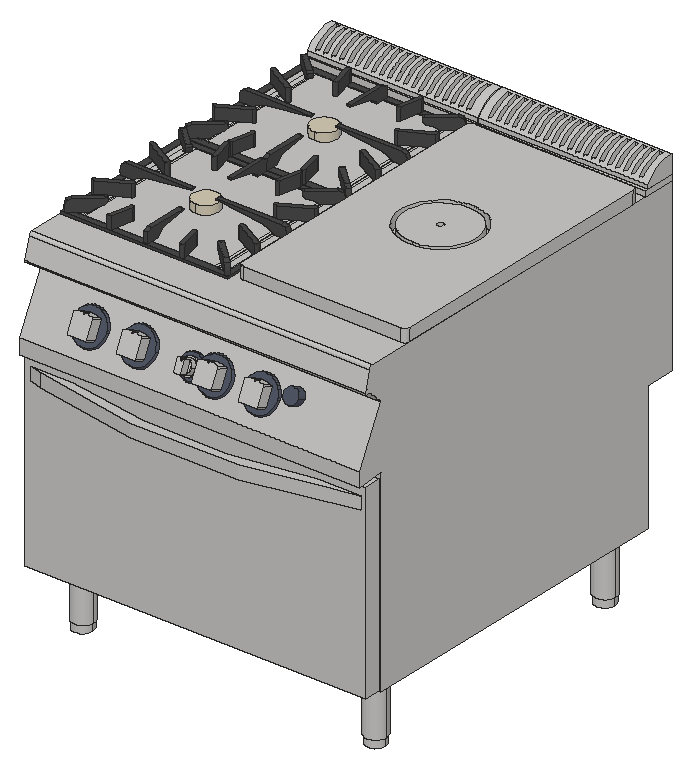
Revit family "QF_ZANUSSI_392020_Z9STGH30G0", category Specialty Equipment, Revit 2018 (continued)
Automatic sketch dimensions
  curve 210 to curve 210 = 0.343 mm
  curve 210 to curve 212 = 1.071 mm
  curve 210 to curve 209 = 2.189 mm
  curve 209 to curve 208 = 0.809 mm
  plane 8 "Center X" to curve 268 = 24.4 mm
  curve 268 to plane 4 "RIGHT" = 196.85 mm
  curve 214 to curve 200 = 1.333 mm
  plane 5 "FRONT" to curve 263 = 10.68 mm
  plane 5 "FRONT" to curve 198 = 10.68 mm
  plane 5 "FRONT" to curve 247 = 10.68 mm
  curve 246 to curve 243 = 86.839 mm
  curve 262 to curve 259 = 86.839 mm
  curve 188 to curve 185 = 86.839 mm
  curve 237 to curve 246 = 0 mm
  curve 213 to curve 210 = 86.839 mm
  curve 188 to curve 197 = 0 mm
  curve 253 to curve 262 = 0 mm
  curve 204 to curve 213 = 0 mm
  curve 259 to curve 258 = 1.333 mm
  curve 185 to curve 184 = 1.333 mm
  curve 194 to curve 192 = 1.333 mm
  curve 247 to curve 241 = 1.333 mm
  curve 210 to curve 209 = 1.333 mm
  curve 242 to curve 243 = 2.779 mm
  curve 200 to curve 201 = 2.779 mm
  curve 249 to curve 250 = 2.779 mm
  curve 258 to curve 259 = 2.779 mm
  curve 233 to curve 234 = 2.779 mm
  curve 184 to curve 185 = 2.779 mm
  curve 209 to curve 210 = 2.779 mm
  curve 193 to curve 194 = 2.779 mm
  curve 261 to plane 5 "FRONT" = 7.894 mm
  curve 187 to plane 5 "FRONT" = 7.894 mm
  curve 212 to plane 5 "FRONT" = 7.894 mm
  curve 245 to plane 5 "FRONT" = 7.894 mm
  curve 252 to plane 5 "FRONT" = 7.894 mm
  curve 196 to plane 5 "FRONT" = 7.894 mm
  curve 203 to plane 5 "FRONT" = 7.894 mm
  curve 236 to plane 5 "FRONT" = 7.894 mm
  curve 225 to plane 5 "FRONT" = 13.86 mm
  curve 238 to curve 235 = 41.91 mm
  curve 235 to curve 244 = 0 mm
  curve 254 to curve 251 = 41.91 mm
  curve 251 to curve 260 = 0 mm
  curve 206 to curve 211 = 41.91 mm
  curve 202 to curve 211 = 0 mm
  curve 190 to curve 195 = 41.91 mm
  curve 186 to curve 195 = 0 mm
  curve 251 to curve 248 = 9.809 mm
  curve 253 to curve 252 = 0.284 mm
  curve 261 to curve 262 = 0.284 mm
  curve 257 to curve 260 = 9.809 mm
  curve 235 to curve 232 = 9.809 mm
  curve 237 to curve 236 = 0.284 mm
  curve 245 to curve 245 = 0.284 mm
  curve 241 to curve 244 = 9.809 mm
  curve 224 to curve 224 = 1.229 mm
  plane 5 "FRONT" to curve 229 = 0.129 mm
  curve 224 to curve 229 = 1.675 mm
  curve 224 to curve 224 = 0.445 mm
  curve 225 to curve 225 = 1.675 mm
  plane 5 "FRONT" to curve 226 = 0.129 mm
  curve 226 to plane 7 "Center Y" = 11.954 mm
  curve 225 to curve 225 = 0.445 mm
  plane 7 "Center Y" to curve 186 = 2.24 mm
  plane 7 "Center Y" to curve 266 = 6.3 mm
  curve 188 to curve 187 = 0.284 mm
  curve 196 to curve 196 = 0.284 mm
  curve 192 to curve 195 = 9.809 mm
  plane 8 "Center X" to curve 266 = 24.4 mm
  curve 266 to curve 268 = 93.133 mm
  curve 202 to curve 199 = 9.809 mm
  curve 203 to curve 203 = 0.284 mm
  curve 212 to curve 213 = 0.284 mm
  curve 208 to curve 211 = 9.809 mm
  curve 211 to curve 231 = 28.904 mm
  curve 231 to curve 231 = 16.26 mm
  curve 231 to curve 231 = 1.74 mm
  plane 8 "Center X" to curve 267 = 24.4 mm
  curve 268 to curve 267 = 92.86 mm
  curve 267 to plane 4 "RIGHT" = 35 mm
  plane 5 "FRONT" to curve 228 = 0.129 mm
  plane 5 "FRONT" to curve 264 = 0.129 mm
  plane 5 "FRONT" to curve 227 = 0.129 mm
  plane 5 "FRONT" to curve 265 = 0.129 mm
  curve 203 to curve 203 = 0.567 mm
  curve 245 to curve 245 = 0.567 mm
  curve 252 to curve 252 = 0.567 mm
  curve 187 to curve 187 = 0.567 mm
  curve 212 to curve 212 = 0.567 mm
  curve 236 to curve 236 = 0.567 mm
  curve 261 to curve 261 = 0.567 mm
  curve 196 to curve 196 = 0.567 mm
  curve 212 to curve 211 = 1.156 mm
  curve 197 to curve 195 = 1.156 mm
  curve 188 to curve 186 = 1.156 mm
  curve 236 to curve 235 = 1.156 mm
  curve 245 to curve 244 = 1.156 mm
  curve 262 to curve 260 = 1.156 mm
  curve 203 to curve 202 = 1.156 mm
  curve 252 to curve 251 = 1.156 mm
  curve 224 to curve 224 = 0.083 mm
  curve 225 to curve 225 = 0.083 mm
  curve 230 to plane 5 "FRONT" = 14.871 mm
  curve 197 to curve 191 = 3.441 mm
  curve 202 to curve 199 = 4.292 mm
  curve 251 to curve 248 = 4.292 mm
  curve 204 to curve 205 = 3.441 mm
  curve 253 to curve 254 = 3.441 mm
  curve 205 to curve 207 = 0 mm
  curve 211 to curve 208 = 4.292 mm
  curve 244 to curve 241 = 4.292 mm
  curve 254 to curve 256 = 0 mm
  curve 260 to curve 257 = 4.292 mm
  curve 246 to curve 240 = 3.441 mm
  curve 238 to curve 240 = 0 mm
  curve 189 to curve 191 = 0 mm
  curve 235 to curve 232 = 4.292 mm
  curve 186 to curve 183 = 4.292 mm
  curve 195 to curve 192 = 4.292 mm
  curve 231 to curve 231 = 3.434 mm
  plane 5 "FRONT" to curve 91 = 0 mm
  curve 3 to plane 4 "RIGHT" = 0 mm
  plane 1 "BACK" to curve 92 = 0 mm
  curve 92 to plane 7 "Center Y" = 0 mm
  curve 8 to plane 3 "LEFT" = 0 mm
  plane 5 "FRONT" to curve 89 = 0 mm
  plane 5 "FRONT" to curve 7 = 0 mm
  plane 5 "FRONT" to curve 4 = 0 mm
  plane 4 "RIGHT" to curve 91 = 100 mm
  curve 58 to plane 4 "RIGHT" = 14.847 mm
  curve 57 to curve 58 = 9.296 mm
  curve 59 to curve 64 = 9.397 mm
  curve 99 to plane 4 "RIGHT" = 35 mm
  curve 61 to curve 63 = 9.296 mm
  curve 99 to curve 100 = 12.7 mm
  curve 99 to curve 101 = 12.7 mm
  curve 63 to curve 65 = 9.397 mm
  curve 65 to curve 66 = 9.296 mm
  curve 67 to curve 69 = 9.397 mm
  curve 69 to curve 70 = 9.296 mm
  curve 70 to curve 73 = 9.397 mm
  curve 73 to curve 76 = 9.296 mm
  curve 74 to curve 77 = 9.397 mm
  curve 77 to curve 79 = 9.296 mm
  curve 78 to curve 81 = 9.397 mm
  curve 81 to curve 84 = 9.296 mm
  curve 83 to curve 88 = 9.397 mm
  curve 85 to curve 86 = 9.296 mm
  curve 86 to curve 14 = 9.397 mm
  curve 13 to curve 16 = 9.296 mm
  curve 14 to curve 18 = 9.397 mm
  curve 17 to curve 20 = 9.296 mm
  curve 18 to curve 22 = 9.397 mm
  curve 21 to curve 22 = 9.296 mm
  curve 22 to curve 26 = 9.397 mm
  curve 25 to curve 27 = 9.296 mm
  curve 26 to curve 29 = 9.397 mm
  curve 29 to curve 31 = 9.296 mm
  curve 31 to curve 33 = 9.397 mm
  curve 33 to curve 34 = 9.296 mm
  curve 34 to curve 37 = 9.397 mm
  curve 37 to curve 39 = 9.296 mm
  curve 38 to curve 41 = 9.397 mm
  curve 41 to curve 43 = 9.296 mm
  curve 43 to curve 48 = 9.397 mm
  curve 45 to curve 47 = 9.296 mm
  curve 46 to curve 49 = 9.397 mm
  curve 49 to curve 50 = 9.296 mm
  curve 51 to curve 56 = 9.397 mm
  curve 53 to curve 55 = 9.296 mm
  curve 55 to curve 12 = 9.397 mm
  curve 9 to curve 11 = 9.296 mm
  plane 7 "Center Y" to curve 97 = 19 mm
  plane 7 "Center Y" to curve 96 = 19 mm
  plane 7 "Center Y" to curve 94 = 6.3 mm
  curve 103 to plane 7 "Center Y" = 20.698 mm
  curve 104 to curve 102 = 9.296 mm
  curve 102 to curve 147 = 9.397 mm
  curve 147 to curve 147 = 9.296 mm
  curve 146 to curve 145 = 9.397 mm
  curve 144 to curve 145 = 9.296 mm
  curve 142 to curve 141 = 9.397 mm
  curve 140 to curve 141 = 9.296 mm
  curve 138 to curve 135 = 9.397 mm
  curve 136 to curve 134 = 9.296 mm
  curve 134 to curve 132 = 9.397 mm
  curve 131 to curve 130 = 9.296 mm
  curve 130 to curve 128 = 9.397 mm
  curve 128 to curve 129 = 9.296 mm
  curve 126 to curve 125 = 9.397 mm
  curve 124 to curve 125 = 9.296 mm
  curve 122 to curve 120 = 9.397 mm
  curve 119 to curve 118 = 9.296 mm
  curve 118 to curve 115 = 9.397 mm
  curve 116 to curve 114 = 9.296 mm
  curve 114 to curve 112 = 9.397 mm
  curve 111 to curve 111 = 9.296 mm
  curve 110 to curve 107 = 9.397 mm
  curve 107 to curve 107 = 9.296 mm
  curve 106 to curve 180 = 9.397 mm
  curve 179 to curve 179 = 9.296 mm
  curve 178 to curve 175 = 9.397 mm
  curve 175 to curve 175 = 9.296 mm
  curve 174 to curve 171 = 9.397 mm
  curve 171 to curve 171 = 9.296 mm
  curve 170 to curve 167 = 9.397 mm
  curve 167 to curve 167 = 9.296 mm
  curve 166 to curve 165 = 9.397 mm
  curve 163 to curve 163 = 9.296 mm
  curve 162 to curve 160 = 9.397 mm
  curve 159 to curve 159 = 9.296 mm
  curve 158 to curve 155 = 9.397 mm
  curve 156 to curve 157 = 9.296 mm
  curve 154 to curve 153 = 9.397 mm
  curve 151 to curve 151 = 9.296 mm
  curve 89 to plane 3 "LEFT" = 100 mm
  curve 89 to plane 1 "BACK" = 100 mm
  plane 1 "BACK" to curve 161 = 6.761 mm
  plane 1 "BACK" to curve 178 = 6.761 mm
  plane 1 "BACK" to curve 162 = 6.761 mm
  plane 1 "BACK" to curve 9 = 6.761 mm
  plane 1 "BACK" to curve 157 = 6.761 mm
  plane 1 "BACK" to curve 13 = 6.761 mm
  plane 1 "BACK" to curve 153 = 6.761 mm
  plane 1 "BACK" to curve 17 = 6.761 mm
  plane 1 "BACK" to curve 149 = 6.761 mm
  plane 1 "BACK" to curve 21 = 6.761 mm
  plane 1 "BACK" to curve 145 = 6.761 mm
  plane 1 "BACK" to curve 25 = 6.761 mm
  plane 1 "BACK" to curve 141 = 6.761 mm
  plane 1 "BACK" to curve 29 = 6.761 mm
  plane 1 "BACK" to curve 137 = 6.761 mm
  plane 1 "BACK" to curve 33 = 6.761 mm
  plane 1 "BACK" to curve 133 = 6.761 mm
  plane 1 "BACK" to curve 37 = 6.761 mm
  plane 1 "BACK" to curve 129 = 6.761 mm
  plane 1 "BACK" to curve 41 = 6.761 mm
  plane 1 "BACK" to curve 125 = 6.761 mm
  plane 1 "BACK" to curve 45 = 6.761 mm
  plane 1 "BACK" to curve 121 = 6.761 mm
  plane 1 "BACK" to curve 49 = 6.761 mm
  plane 1 "BACK" to curve 117 = 6.761 mm
  plane 1 "BACK" to curve 53 = 6.761 mm
  plane 1 "BACK" to curve 113 = 6.761 mm
  plane 1 "BACK" to curve 57 = 6.761 mm
  plane 1 "BACK" to curve 109 = 6.761 mm
  plane 1 "BACK" to curve 61 = 6.761 mm
  plane 1 "BACK" to curve 105 = 6.761 mm
  plane 1 "BACK" to curve 65 = 6.761 mm
  plane 1 "BACK" to curve 168 = 6.761 mm
  plane 1 "BACK" to curve 69 = 6.761 mm
  plane 1 "BACK" to curve 170 = 6.761 mm
  plane 1 "BACK" to curve 73 = 6.761 mm
  plane 1 "BACK" to curve 174 = 6.761 mm
  plane 1 "BACK" to curve 77 = 6.761 mm
  plane 1 "BACK" to curve 81 = 6.761 mm
  plane 1 "BACK" to curve 88 = 6.761 mm
  curve 87 to curve 86 = 57.15 mm
  curve 85 to curve 83 = 0 mm
  curve 81 to curve 79 = 0 mm
  curve 180 to curve 180 = 57.15 mm
  curve 77 to curve 75 = 0 mm
  curve 176 to curve 178 = 0 mm
  curve 73 to curve 71 = 0 mm
  curve 172 to curve 174 = 0 mm
  curve 69 to curve 67 = 0 mm
  curve 168 to curve 170 = 0 mm
  curve 102 to curve 102 = 57.15 mm
  curve 65 to curve 63 = 0 mm
  curve 179 to curve 106 = 0 mm
  curve 61 to curve 59 = 0 mm
  curve 107 to curve 110 = 0 mm
  curve 55 to curve 55 = 57.15 mm
  curve 111 to curve 114 = 0 mm
  curve 53 to curve 51 = 0 mm
  curve 115 to curve 118 = 0 mm
  curve 49 to curve 47 = 0 mm
  curve 119 to curve 122 = 0 mm
  curve 45 to curve 43 = 0 mm
  curve 123 to curve 126 = 0 mm
  curve 41 to curve 39 = 0 mm
  curve 127 to curve 130 = 0 mm
  curve 37 to curve 35 = 0 mm
  curve 131 to curve 134 = 0 mm
  curve 33 to curve 31 = 0 mm
  curve 135 to curve 138 = 0 mm
  curve 29 to curve 27 = 0 mm
  curve 139 to curve 142 = 0 mm
  curve 25 to curve 23 = 0 mm
  curve 143 to curve 146 = 0 mm
  curve 21 to curve 19 = 0 mm
  curve 150 to curve 150 = 57.15 mm
  curve 17 to curve 15 = 0 mm
  curve 151 to curve 154 = 0 mm
  curve 11 to curve 54 = 0 mm
  curve 155 to curve 158 = 0 mm
  curve 164 to curve 166 = 0 mm
  curve 97 to plane 11 = 26 mm
  curve 99 to plane 12 = 31.5 mm
  curve 2 to plane 13 = 0.129 mm
  curve 57 to curve 93 = 5.939 mm
  curve 5 to curve 6 = 6.35 mm
  Revolve 1 sketch curve to plane 9 "Base" = 0 mm  (x2)
  Revolve 1 sketch curve to level = 0 mm
  plane 3 "LEFT" to Revolve 1 sketch curve = 30.6 mm
  Revolve 1 sketch curve to Revolve 1 sketch curve = 2.5 mm
  Revolve 1 sketch curve to Revolve 1 sketch curve = 25.4 mm
  level to Revolve 1 sketch curve = 19.05 mm
  Revolve 1 sketch curve to Revolve 1 sketch curve = 0 mm
  plane 9 "Base" to Revolve 1 sketch curve = 20 mm
  Revolve 2 sketch curve to plane 9 "Base" = 0 mm  (x2)
  Revolve 2 sketch curve to level = 0 mm
  plane 3 "LEFT" to Revolve 2 sketch curve = 30.6 mm
  Revolve 2 sketch curve to Revolve 2 sketch curve = 2.5 mm
  Revolve 2 sketch curve to Revolve 2 sketch curve = 25.4 mm
  level to Revolve 2 sketch curve = 19.05 mm
  Revolve 2 sketch curve to Revolve 2 sketch curve = 0 mm
  plane 9 "Base" to Revolve 2 sketch curve = 20 mm
  Revolve 3 sketch curve to plane 9 "Base" = 0 mm  (x2)
  Revolve 3 sketch curve to level = 0 mm
  Revolve 3 sketch curve to plane 4 "RIGHT" = 30.6 mm
  Revolve 3 sketch curve to Revolve 3 sketch curve = 2.5 mm
  Revolve 3 sketch curve to Revolve 3 sketch curve = 25.4 mm
  level to Revolve 3 sketch curve = 19.05 mm
  Revolve 3 sketch curve to Revolve 3 sketch curve = 0 mm
  plane 9 "Base" to Revolve 3 sketch curve = 20 mm
  Revolve 4 sketch curve to plane 9 "Base" = 0 mm  (x2)
  Revolve 4 sketch curve to level = 0 mm
  Revolve 4 sketch curve to plane 4 "RIGHT" = 30.6 mm
  Revolve 4 sketch curve to Revolve 4 sketch curve = 2.5 mm
  Revolve 4 sketch curve to Revolve 4 sketch curve = 25.4 mm
  level to Revolve 4 sketch curve = 19.05 mm
  Revolve 4 sketch curve to Revolve 4 sketch curve = 0 mm
  plane 9 "Base" to Revolve 4 sketch curve = 20 mm
  Extrusion 5 sketch curve to plane 5 "FRONT" = 0 mm
  Extrusion 5 sketch curve to plane 10 = 0 mm
  Extrusion 5 sketch curve to plane 9 "Base" = 0 mm
  Extrusion 5 sketch curve to plane 1 "BACK" = 0 mm
  Extrusion 5 sketch curve to plane 5 "FRONT" = 15 mm
  Extrusion 5 sketch curve to plane 5 "FRONT" = 15.116 mm
  Extrusion 5 sketch curve to Extrusion 5 sketch curve = 2.884 mm
  Extrusion 5 sketch curve to plane 10 = 7.474 mm
  Extrusion 5 sketch curve to plane 5 "FRONT" = 28.167 mm
  Extrusion 5 sketch curve to Extrusion 5 sketch curve = 10.198 mm
  Extrusion 5 sketch curve to Extrusion 5 sketch curve = 40 mm
  Extrusion 5 sketch curve to Extrusion 5 sketch curve = 1.355 mm
  Extrusion 5 sketch curve to Extrusion 5 sketch curve = 0.445 mm
  Extrusion 5 sketch curve to Extrusion 5 sketch curve = 5 mm
  Extrusion 5 sketch curve to Extrusion 5 sketch curve = 31.82 mm
  Extrusion 5 sketch curve to plane 11 = 54.562 mm
  plane 9 "Base" to Extrusion 5 sketch curve = 5 mm
  plane 9 "Base" to Extrusion 5 sketch curve = 300.038 mm
  Extrusion 5 sketch curve to Extrusion 5 sketch curve = 242.526 mm
  Extrusion 5 sketch curve to Extrusion 5 sketch curve = 5.508 mm
  Extrusion 5 sketch curve to Extrusion 5 sketch curve = 10.259 mm
  Extrusion 5 sketch curve to Extrusion 5 sketch curve = 35 mm
  Extrusion 5 sketch curve to Extrusion 5 sketch curve = 81.162 mm
  Extrusion 5 sketch curve to Extrusion 5 sketch curve = 49.342 mm
  Extrusion 5 sketch curve to Extrusion 5 sketch curve = 3 mm
  Extrusion 6 sketch curve to plane 10 = 0 mm
  Extrusion 6 sketch curve to plane 1 "BACK" = 0 mm
  plane 10 to Extrusion 6 sketch curve = 14.288 mm
  Extrusion 6 sketch curve to plane 11 = 49.8 mm
  Extrusion 7 sketch curve to plane 4 "RIGHT" = 14.847 mm
  Extrusion 7 sketch curve to Extrusion 7 sketch curve = 9.296 mm  (x20)
  Extrusion 7 sketch curve to Extrusion 7 sketch curve = 9.397 mm  (x19)
  plane 1 "BACK" to Extrusion 7 sketch curve = 6.761 mm  (x20)
  Extrusion 7 sketch curve to Extrusion 7 sketch curve = 57.15 mm
  Extrusion 7 sketch curve to Extrusion 7 sketch curve = 0 mm  (x19)
  Extrusion 8 sketch curve to plane 1 "BACK" = 0 mm
  Extrusion 8 sketch curve to plane 6 "TOP" = 0 mm
  plane 1 "BACK" to Extrusion 8 sketch curve = 1.769 mm
  plane 10 to Extrusion 8 sketch curve = 23.813 mm
  plane 1 "BACK" to Extrusion 8 sketch curve = 69.85 mm
  plane 10 to Extrusion 8 sketch curve = 14.288 mm
  plane 5 "FRONT" to Extrusion 10 sketch curve = 0 mm  (x2)
  Extrusion 10 sketch curve to plane 3 "LEFT" = 0 mm
  plane 1 "BACK" to Extrusion 10 sketch curve = 0 mm
  Extrusion 10 sketch curve to plane 4 "RIGHT" = 0 mm
  Extrusion 10 sketch curve to plane 3 "LEFT" = 100 mm
  plane 4 "RIGHT" to Extrusion 10 sketch curve = 100 mm
  Extrusion 10 sketch curve to plane 1 "BACK" = 100 mm
  Extrusion 11 sketch curve to Extrusion 11 sketch curve = 0 mm  (x2)
  Extrusion 11 sketch curve to plane 4 "RIGHT" = 0 mm
  Extrusion 11 sketch curve to plane 11 = 26 mm
  Extrusion 11 sketch curve to plane 11 = 13.3 mm
  Extrusion 11 sketch curve to Extrusion 11 sketch curve = 12.7 mm  (x2)
  plane 8 "Center X" to Extrusion 11 sketch curve = 27.413 mm
  Extrusion 11 sketch curve to Extrusion 11 sketch curve = 2.478 mm
  Extrusion 11 sketch curve to Extrusion 11 sketch curve = 0.351 mm
  Extrusion 11 sketch curve to Extrusion 11 sketch curve = 0.184 mm
  Extrusion 11 sketch curve to plane 4 "RIGHT" = 12.7 mm
  Extrusion 11 sketch curve to plane 12 = 31.5 mm
  Extrusion 11 sketch curve to plane 4 "RIGHT" = 196.753 mm
  Extrusion 11 sketch curve to Extrusion 11 sketch curve = 0.097 mm
  Extrusion 11 sketch curve to Extrusion 11 sketch curve = 0.12 mm
  Extrusion 11 sketch curve to Extrusion 11 sketch curve = 3.165 mm
  plane 7 "Center Y" to Extrusion 11 sketch curve = 19 mm
  Extrusion 11 sketch curve to Extrusion 11 sketch curve = 70.632 mm
  Extrusion 11 sketch curve to Extrusion 11 sketch curve = 8.451 mm
  plane 15 to Extrusion 11 sketch curve = 50.329 mm
  Extrusion 12 sketch curve to plane 15 = 0 mm
  Extrusion 12 sketch curve to plane 4 "RIGHT" = 43 mm
  plane 3 "LEFT" to Extrusion 13 sketch curve = 14.847 mm
  Extrusion 13 sketch curve to Extrusion 13 sketch curve = 9.296 mm  (x20)
  Extrusion 13 sketch curve to Extrusion 13 sketch curve = 9.397 mm  (x19)
  Extrusion 13 sketch curve to plane 11 = 62.089 mm  (x2)
  Extrusion 13 sketch curve to Extrusion 13 sketch curve = 0 mm  (x18)
  plane 1 "BACK" to Extrusion 13 sketch curve = 6.761 mm  (x20)
  Extrusion 14 sketch curve to plane 1 "BACK" = 0 mm
  Extrusion 14 sketch curve to plane 6 "TOP" = 0 mm
  plane 1 "BACK" to Extrusion 14 sketch curve = 1.769 mm
  plane 10 to Extrusion 14 sketch curve = 23.813 mm
  plane 1 "BACK" to Extrusion 14 sketch curve = 69.85 mm
  plane 10 to Extrusion 14 sketch curve = 14.288 mm
  Blend 15 sketch curve to plane 7 "Center Y" = 0 mm  (x2)
  Blend 15 sketch curve to plane 7 "Center Y" = 17.95 mm  (x2)
  plane 7 "Center Y" to Blend 15 sketch curve = 35.05 mm  (x2)
  Blend 15 sketch curve to Blend 15 sketch curve = 24.037 mm
  Blend 15 sketch curve to Blend 15 sketch curve = 0 mm
  plane 7 "Center Y" to Blend 15 sketch curve = 0.472 mm
  Blend 15 sketch curve to Blend 15 sketch curve = 21.086 mm
  Extrusion 16 sketch curve to plane 7 "Center Y" = 19.952 mm
  plane 7 "Center Y" to Extrusion 17 sketch curve = 12.05 mm
  Extrusion 17 sketch curve to Extrusion 17 sketch curve = 2.997 mm  (x3)
  Extrusion 17 sketch curve to Extrusion 17 sketch curve = 20.003 mm  (x2)
  Extrusion 17 sketch curve to Extrusion 17 sketch curve = 40.005 mm
  Extrusion 17 sketch curve to Extrusion 17 sketch curve = 5.399 mm
  Extrusion 17 sketch curve to Extrusion 17 sketch curve = 40.037 mm
  Extrusion 17 sketch curve to Extrusion 17 sketch curve = 0 mm  (x2)
  Split face 27 sketch curve to Split face 27 sketch curve = 2.545 mm
  Split face 27 sketch curve to Split face 27 sketch curve = 4.379 mm
  Split face 28 sketch curve to Split face 28 sketch curve = 0.816 mm  (x2)
  Split face 28 sketch curve to Split face 28 sketch curve = 2.828 mm
  Extrusion 18 sketch curve to plane 7 "Center Y" = 19.952 mm
  Extrusion 19 sketch curve to plane 7 "Center Y" = 36.844 mm
  Extrusion 19 sketch curve to Extrusion 19 sketch curve = 6.058 mm
  Extrusion 19 sketch curve to Extrusion 19 sketch curve = 0.01 mm  (x2)
  Extrusion 19 sketch curve to Extrusion 19 sketch curve = 8.895 mm
  Extrusion 19 sketch curve to plane 7 "Center Y" = 11.954 mm
  Extrusion 19 sketch curve to Extrusion 19 sketch curve = 2.827 mm  (x3)
  Extrusion 19 sketch curve to plane 7 "Center Y" = 3.059 mm
  Extrusion 19 sketch curve to Extrusion 19 sketch curve = 0 mm
  Extrusion 19 sketch curve to Extrusion 19 sketch curve = 15.163 mm
  Extrusion 19 sketch curve to Extrusion 19 sketch curve = 15.173 mm
  Extrusion 20 sketch curve to plane 5 "FRONT" = 9.329 mm
  Extrusion 20 sketch curve to plane 10 = 112.016 mm
  Extrusion 20 sketch curve to Extrusion 20 sketch curve = 3 mm
  Extrusion 20 sketch curve to Extrusion 20 sketch curve = 0 mm  (x2)
  Extrusion 20 sketch curve to Extrusion 20 sketch curve = 1 mm
  Extrusion 20 sketch curve to Extrusion 20 sketch curve = 15 mm
  Extrusion 21 sketch curve to Extrusion 21 sketch curve = 0 mm  (x2)
  Extrusion 21 sketch curve to plane 5 "FRONT" = 15.005 mm
  Extrusion 21 sketch curve to plane 10 = 123.007 mm
  Extrusion 21 sketch curve to Extrusion 21 sketch curve = 1 mm
  Extrusion 21 sketch curve to Extrusion 21 sketch curve = 2.764 mm
  Extrusion 21 sketch curve to Extrusion 21 sketch curve = 2.616 mm
  Extrusion 21 sketch curve to Extrusion 21 sketch curve = 12.193 mm
  Extrusion 22 sketch curve to plane 4 "RIGHT" = 177.477 mm
  Extrusion 23 sketch curve to plane 4 "RIGHT" = 177.477 mm
  plane 3 "LEFT" to Blend 24 sketch curve = 142.5 mm  (x2)
  plane 3 "LEFT" to Extrusion 25 sketch curve = 119.5 mm
  Extrusion 25 sketch curve to Extrusion 25 sketch curve = 2.997 mm  (x3)
  Extrusion 25 sketch curve to Extrusion 25 sketch curve = 20.003 mm  (x2)
  Extrusion 25 sketch curve to Extrusion 25 sketch curve = 40.005 mm
  Extrusion 25 sketch curve to Extrusion 25 sketch curve = 5.399 mm
  Extrusion 25 sketch curve to Extrusion 25 sketch curve = 40.037 mm
  Extrusion 25 sketch curve to Extrusion 25 sketch curve = 0 mm  (x2)
  Extrusion 26 sketch curve to plane 5 "FRONT" = 9.329 mm
  Extrusion 26 sketch curve to plane 10 = 112.016 mm
  Extrusion 26 sketch curve to Extrusion 26 sketch curve = 3 mm
  Extrusion 26 sketch curve to Extrusion 26 sketch curve = 0 mm  (x2)
  Extrusion 26 sketch curve to Extrusion 26 sketch curve = 1 mm
  Extrusion 26 sketch curve to Extrusion 26 sketch curve = 15 mm
  plane 3 "LEFT" to Extrusion 27 sketch curve = 125 mm
  Extrusion 27 sketch curve to Extrusion 27 sketch curve = 35 mm  (x2)
  Extrusion 28 sketch curve to plane 5 "FRONT" = 9.329 mm
  Extrusion 28 sketch curve to plane 10 = 112.016 mm
  Extrusion 28 sketch curve to Extrusion 28 sketch curve = 3 mm
  Extrusion 28 sketch curve to Extrusion 28 sketch curve = 0 mm
  Extrusion 28 sketch curve to Extrusion 28 sketch curve = 1 mm  (x2)
  Extrusion 28 sketch curve to Extrusion 28 sketch curve = 15 mm
  Extrusion 29 sketch curve to plane 7 "Center Y" = 125 mm
  Extrusion 29 sketch curve to Extrusion 29 sketch curve = 35 mm  (x2)
  Blend 30 sketch curve to plane 7 "Center Y" = 142.5 mm  (x2)
  Extrusion 31 sketch curve to plane 7 "Center Y" = 119.5 mm
  Extrusion 31 sketch curve to Extrusion 31 sketch curve = 2.997 mm  (x3)
  Extrusion 31 sketch curve to Extrusion 31 sketch curve = 20.003 mm  (x2)
  Extrusion 31 sketch curve to Extrusion 31 sketch curve = 40.005 mm
  Extrusion 31 sketch curve to Extrusion 31 sketch curve = 0 mm  (x2)
  Extrusion 31 sketch curve to Extrusion 31 sketch curve = 40.037 mm
  Extrusion 31 sketch curve to Extrusion 31 sketch curve = 5.399 mm
  Split face 30 sketch curve to Split face 30 sketch curve = 6 mm
  Split face 30 sketch curve to Split face 30 sketch curve = 10 mm
  Split face 31 sketch curve to Split face 31 sketch curve = 5 mm
  Split face 31 sketch curve to Split face 31 sketch curve = 9 mm
  Split face 32 sketch curve to Split face 32 sketch curve = 5 mm
  Split face 33 sketch curve to Split face 33 sketch curve = 5 mm
  Split face 34 sketch curve to Split face 34 sketch curve = 6 mm
  Split face 34 sketch curve to Split face 34 sketch curve = 10 mm
  Split face 35 sketch curve to Split face 35 sketch curve = 5 mm
  Split face 35 sketch curve to Split face 35 sketch curve = 9 mm
  Split face 36 sketch curve to Split face 36 sketch curve = 5 mm
  Split face 37 sketch curve to Split face 37 sketch curve = 5 mm
  curve 216 to plane 7 "Center Y" = 11.954 mm
  curve 216 to curve 223 = 7.998 mm
  curve 223 to curve 215 = 15.995 mm
  curve 223 to plane 5 "FRONT" = 17.937 mm
  plane 5 "FRONT" to curve 216 = 10.977 mm
  curve 219 to curve 219 = 2.259 mm
  curve 218 to curve 219 = 0.319 mm
  curve 218 to curve 216 = 3.717 mm
  curve 219 to curve 218 = 1.423 mm
  curve 222 to plane 7 "Center Y" = 3.949 mm
  curve 218 to curve 223 = 0.001 mm
  curve 218 to curve 217 = 0.001 mm
  plane 5 "FRONT" to curve 220 = 0.716 mm
  curve 220 to curve 220 = 0.865 mm
  curve 220 to plane 5 "FRONT" = 1.976 mm
  curve 220 to curve 217 = 0.141 mm
  curve 215 to curve 217 = 3.718 mm
  curve 218 to curve 217 = 0 mm
  curve 223 to curve 218 = 2.937 mm
  curve 223 to curve 217 = 2.937 mm
  curve 218 to curve 222 = 0 mm
  curve 221 to curve 217 = 0 mm
  curve 218 to curve 216 = 1.224 mm
  curve 217 to curve 215 = 1.224 mm
  curve 221 to curve 221 = 4.847 mm
  curve 223 to curve 217 = 7.784 mm
  curve 221 to curve 218 = 0.003 mm
  curve 222 to curve 222 = 4.85 mm
  curve 218 to curve 219 = 0.047 mm
  Extrusion 32 sketch curve to plane 4 "RIGHT" = 42.9 mm
  Extrusion 32 sketch curve to plane 12 = 26 mm
  Extrusion 33 sketch curve to plane 13 = 0.028 mm
  plane 9 "Base" to Extrusion 33 sketch curve = 5 mm
  Extrusion 33 sketch curve to plane 5 "FRONT" = 15 mm
  plane 9 "Base" to Extrusion 33 sketch curve = 6.461 mm
  Extrusion 33 sketch curve to Extrusion 33 sketch curve = 36.025 mm
  Extrusion 34 sketch curve to Extrusion 34 sketch curve = 0 mm  (x6)
  Extrusion 34 sketch curve to plane 7 "Center Y" = 0 mm
  Extrusion 34 sketch curve to plane 5 "FRONT" = 15 mm  (x2)
  Extrusion 34 sketch curve to plane 4 "RIGHT" = 103.605 mm
  Extrusion 34 sketch curve to plane 4 "RIGHT" = 10 mm
  Extrusion 34 sketch curve to plane 1 "BACK" = 337.5 mm
  Extrusion 34 sketch curve to plane 5 "FRONT" = 4.65 mm
  plane 7 "Center Y" to Blend 35 sketch curve = 144.55 mm  (x2)
  plane 7 "Center Y" to Extrusion 36 sketch curve = 121.55 mm
  Extrusion 36 sketch curve to Extrusion 36 sketch curve = 2.997 mm  (x3)
  Extrusion 36 sketch curve to Extrusion 36 sketch curve = 20.003 mm  (x2)
  Extrusion 36 sketch curve to Extrusion 36 sketch curve = 40.005 mm
  Extrusion 36 sketch curve to Extrusion 36 sketch curve = 5.399 mm
  Extrusion 36 sketch curve to Extrusion 36 sketch curve = 40.037 mm
  Extrusion 36 sketch curve to Extrusion 36 sketch curve = 0 mm  (x2)
  Extrusion 37 sketch curve to plane 5 "FRONT" = 9.329 mm
  Extrusion 37 sketch curve to plane 10 = 112.016 mm
  Extrusion 37 sketch curve to Extrusion 37 sketch curve = 3 mm
  Extrusion 37 sketch curve to Extrusion 37 sketch curve = 0 mm  (x2)
  Extrusion 37 sketch curve to Extrusion 37 sketch curve = 1 mm
  Extrusion 37 sketch curve to Extrusion 37 sketch curve = 15 mm
  plane 7 "Center Y" to Extrusion 38 sketch curve = 127.05 mm
  Extrusion 38 sketch curve to Extrusion 38 sketch curve = 35 mm  (x2)
  Split face 46 sketch curve to Split face 46 sketch curve = 6 mm
  Split face 46 sketch curve to Split face 46 sketch curve = 10 mm
  Split face 47 sketch curve to Split face 47 sketch curve = 5 mm
  Split face 47 sketch curve to Split face 47 sketch curve = 9 mm
  Split face 48 sketch curve to Split face 48 sketch curve = 5 mm
  Split face 49 sketch curve to Split face 49 sketch curve = 5 mm
  radius of Extrusion 9 sketch curve = 6.4 mm
  radius of Extrusion 11 sketch curve = 82.55 mm
  radius of Extrusion 11 sketch curve = 7 mm
  radius of Extrusion 12 sketch curve = 12.7 mm
  radius of Extrusion 16 sketch curve = 20 mm
  radius of Split face 1 sketch curve = 1 mm
  radius of Split face 2 sketch curve = 1 mm
  radius of Split face 3 sketch curve = 1 mm
  radius of Split face 4 sketch curve = 1 mm
  radius of Split face 5 sketch curve = 1 mm
  radius of Split face 6 sketch curve = 1 mm
  radius of Split face 7 sketch curve = 1 mm
  radius of Split face 8 sketch curve = 1 mm
  radius of Split face 9 sketch curve = 1 mm
  radius of Split face 10 sketch curve = 1 mm
  radius of Split face 11 sketch curve = 1 mm
  radius of Split face 12 sketch curve = 1 mm
  radius of Split face 13 sketch curve = 1 mm
  radius of Split face 14 sketch curve = 1 mm
  radius of Split face 15 sketch curve = 1 mm
  radius of Split face 16 sketch curve = 1 mm
  radius of Split face 17 sketch curve = 1 mm
  radius of Split face 18 sketch curve = 1 mm
  radius of Split face 19 sketch curve = 1 mm
  radius of Split face 20 sketch curve = 1 mm
  radius of Split face 21 sketch curve = 1 mm
  radius of Split face 22 sketch curve = 1 mm
  radius of Split face 23 sketch curve = 1 mm
  radius of Split face 24 sketch curve = 1 mm
  radius of Split face 25 sketch curve = 1.508 mm
  radius of Split face 26 sketch curve = 1.343 mm
  radius of Extrusion 18 sketch curve = 16 mm
  radius of Extrusion 22 sketch curve = 18 mm
  radius of Extrusion 23 sketch curve = 15 mm
  radius of Blend 24 sketch curve = 42.5 mm
  radius of Blend 24 sketch curve = 40.5 mm
  radius of Split face 29 sketch curve = 3 mm
  radius of Blend 30 sketch curve = 42.5 mm
  radius of Blend 30 sketch curve = 40.5 mm
  radius of Split face 38 sketch curve = 1.5 mm
  radius of Split face 39 sketch curve = 2.029 mm
  radius of Split face 40 sketch curve = 2.031 mm
  radius of Split face 41 sketch curve = 3.497 mm
  radius of Split face 42 sketch curve = 3.497 mm
  radius of Split face 43 sketch curve = 3 mm
  radius of Split face 44 sketch curve = 1.5 mm
  radius of Extrusion 32 sketch curve = 6.4 mm
  radius of Blend 35 sketch curve = 42.5 mm
  radius of Blend 35 sketch curve = 40.5 mm
  radius of Split face 45 sketch curve = 3 mm
  radius of Split face 50 sketch curve = 1.5 mm
  radius of Split face 51 sketch curve = 2.029 mm
  radius of Split face 52 sketch curve = 3.497 mm
Nested families
  nested 1: "QF_392020_BURNER" at (0, -440.6, 0), type "QF_392020_BURNER"
    with Type Mark "", Status "", Specification by User "", Revision Code "", Item Number "", Installed By "", Identify Quantity as Lot yes, Furnished By "", Foodservice Equipment Identifier yes
  nested 2: "QF_392020_BURNER" at (0, -440.6, 0), type "QF_392020_BURNER"
    with Type Mark "", Status "", Specification by User "", Revision Code "", Item Number "", Installed By "", Identify Quantity as Lot yes, Furnished By "", Foodservice Equipment Identifier yes
Connectors
  piping at (747.612, -663.871, 129), diameter 12.8
    settings: on Extrusion 9, index 1, connector inside diameter 0.50394", connector length 0 mm, flow factor 0, pipe flow 0 GPM, pressure drop 0.00 psi, fitting loss kfactor 0, connector angle 0.00°, fixture units 0, engagement length 0 mm, angle of deflection 0.00°, flow configuration 1, flow direction 1, fitting loss method 0, system type 7, joint type 0, gender type 0, connector reference index -1, connector utility 0, adjustable connector no, is connector primary yes, connector description "GAS CONNECTION"
Definition of nested family "QF_392020_BURNER"
  Parameters
    Weight in Pounds = 0
    URL Cutsheet = ""
    URL = "www.electrolux.com"
    Type Mark [instance] = ""
    Status [instance] = ""
    Specification by User [instance] = ""
    Specification by Manufacturer = ""
    Show Clearance [instance] = yes
    Serial Number = ""
    Seismic Rating = ""
    SMACNA No = ""
    Revision Code [instance] = ""
    Omniclass Number and Title = ""
    NAFEM Spec ID Number = ""
    Model = "371009"
    Masterspec = ""
    Manufacturer = "ELECTROLUX"
    Item Number [instance] = ""
    Installed By [instance] = ""
    Identify Quantity as Lot [instance] = yes
    Furnished By [instance] = ""
    Foodservice Equipment Identifier [instance] = yes
    Description = ""
    CSI MasterFormat = ""
    CSI Master Format = ""
  Reference planes
    plane 1 "BACK": y = 0
    plane 2: z = 0
    plane 3 "LEFT": x = 0
    plane 4 "RIGHT": x = 393.7
    plane 5 "FRONT": y = -355.6
    plane 6 "TOP": z = 908.85
    plane 7 "Center Y": x = 196.85
    plane 8 "Center X": y = -177.8
    plane 9 "Base": z = 150
    plane 10: z = 850.85
  Forms (mm)
    Extrusion 1, solid
      sketch origin (-6.433, -404.961, 5) x (1, 0, 0) y (0, 0, -1)
        loop
          arc (7.142, -850.85) -> (6.739, -862.989) -> (9.761, -874.752) r 42.809
          line (9.761, -874.752) -> (19.961, -879.425) -> (173.122, -879.425)
          arc (173.122, -879.425) -> (174.316, -878.312) -> (173.289, -877.043) r 1.197
          line (173.289, -877.043) -> (64.848, -864.021)
          arc (64.848, -864.021) -> (50.111, -858.738) -> (36.589, -850.85) r 85.245
          line (36.589, -850.85) -> (7.142, -850.85)
        loop
          line (399.424, -850.85) -> (369.977, -850.85)
          arc (369.977, -850.85) -> (356.455, -858.738) -> (341.718, -864.021) r 85.245
          line (341.718, -864.021) -> (233.277, -877.043)
          arc (233.277, -877.043) -> (232.25, -878.312) -> (233.444, -879.425) r 1.197
          line (233.444, -879.425) -> (386.605, -879.425) -> (396.806, -874.752)
          arc (396.806, -874.752) -> (399.827, -862.989) -> (399.424, -850.85) r 42.809
      from 224.564 to 234.564
    Extrusion 2, solid
      sketch origin (196.85, 175.397, 1219.2) x (0, 1, 0) y (0, 0, 1)
        loop
          line (-204.463, -363.35) -> (-175.397, -363.35) -> (-175.397, -339.506)
          arc (-175.397, -339.506) -> (-181.025, -338.266) -> (-185.611, -334.775) r 13.39
          line (-185.611, -334.775) -> (-278.903, -334.775)
          arc (-278.903, -334.775) -> (-280.097, -335.888) -> (-279.07, -337.157) r 1.197
          line (-279.07, -337.157) -> (-227.151, -347.464)
          arc (-227.151, -347.464) -> (-213.741, -352.457) -> (-204.463, -363.35) r 28.426
        loop
          arc (-496.332, -363.35) -> (-487.053, -352.457) -> (-473.644, -347.464) r 28.426
          line (-473.644, -347.464) -> (-421.725, -337.157)
          arc (-421.725, -337.157) -> (-420.697, -335.888) -> (-421.891, -334.775) r 1.197
          line (-421.891, -334.775) -> (-515.184, -334.775)
          arc (-515.184, -334.775) -> (-519.769, -338.266) -> (-525.397, -339.506) r 13.39
          line (-525.397, -339.506) -> (-525.397, -363.35) -> (-496.332, -363.35)
      from -5 to 5
    Extrusion 3, solid
      sketch origin (-6.433, 367.064, 850.85) x (0, -1, 0) y (1, 0, 0)
        loop
          line (722.664, 6.433) -> (722.664, 400.133) -> (367.064, 400.133) -> (367.064, 6.433) -> (722.664, 6.433)
        loop
          line (382.064, 21.433) -> (707.664, 21.433) -> (707.664, 385.133) -> (382.064, 385.133) -> (382.064, 21.433)
      from 0 to 5
    Extrusion 4, solid
      sketch origin (-18.933, 367.064, 855.85) x (0, -1, 0) y (1, 0, 0)
        loop
          circle (541.667, 215.783) r 30
      from -1.321 to 17.134
    Extrusion 5, solid
      sketch origin (-6.433, -367.064, 0) x (1, 0, 0) y (0, 0, -1)
        loop
          line (21.433, -855.85) -> (36.589, -855.85)
          arc (36.589, -855.85) -> (40.561, -855.243) -> (44.305, -853.783) r 18.259
          arc (44.305, -853.783) -> (45.997, -853.366) -> (47.69, -853.783) r 3.649
          arc (47.69, -853.783) -> (49.901, -854.522) -> (52.232, -854.529) r 7.328
          line (52.232, -854.529) -> (354.334, -854.529)
          arc (354.334, -854.529) -> (356.666, -854.522) -> (358.877, -853.783) r 7.328
          arc (358.877, -853.783) -> (360.569, -853.366) -> (362.261, -853.783) r 3.649
          arc (362.261, -853.783) -> (366.005, -855.243) -> (369.977, -855.85) r 18.259
          line (369.977, -855.85) -> (385.133, -855.85) -> (385.133, -850.85) -> (21.433, -850.85) -> (21.433, -855.85)
      from 26.464 to 352.064
    Extrusion 6, solid
      sketch origin (83.284, -458.334, 5) x (0.742103, 0.670286, 0) y (0, 0, -1)
        loop
          arc (88.629, -864.012) -> (73.909, -858.731) -> (60.402, -850.85) r 85.245
          line (60.402, -850.85) -> (14.993, -850.85)
          arc (14.993, -850.85) -> (14.642, -862.948) -> (17.686, -874.663) r 42.876
          line (17.686, -874.663) -> (27.899, -879.425) -> (89.664, -879.425)
          arc (89.664, -879.425) -> (92.39, -878.352) -> (93.654, -875.709) r 4
          arc (93.654, -875.709) -> (92.562, -869.25) -> (88.629, -864.012) r 13.87
        loop
          arc (457.638, -864.012) -> (453.704, -869.25) -> (452.613, -875.709) r 13.87
          arc (452.613, -875.709) -> (453.876, -878.352) -> (456.603, -879.425) r 4
          line (456.603, -879.425) -> (518.367, -879.425) -> (528.581, -874.663)
          arc (528.581, -874.663) -> (531.624, -862.948) -> (531.273, -850.85) r 42.876
          line (531.273, -850.85) -> (485.865, -850.85)
          arc (485.865, -850.85) -> (472.357, -858.731) -> (457.638, -864.012) r 85.245
      from 127.064 to 137.064
    Extrusion 7, solid
      sketch origin (310.416, -458.334, 5) x (-0.742103, 0.670286, 0) y (0, 0, 1)
        loop
          arc (88.629, 864.012) -> (92.562, 869.25) -> (93.654, 875.709) r 13.87
          arc (93.654, 875.709) -> (92.39, 878.352) -> (89.664, 879.425) r 4
          line (89.664, 879.425) -> (27.899, 879.425) -> (17.686, 874.663)
          arc (17.686, 874.663) -> (14.642, 862.948) -> (14.993, 850.85) r 42.876
          line (14.993, 850.85) -> (60.402, 850.85)
          arc (60.402, 850.85) -> (73.909, 858.731) -> (88.629, 864.012) r 85.245
        loop
          arc (457.638, 864.012) -> (472.357, 858.731) -> (485.865, 850.85) r 85.245
          line (485.865, 850.85) -> (531.273, 850.85)
          arc (531.273, 850.85) -> (531.624, 862.948) -> (528.581, 874.663) r 42.876
          line (528.581, 874.663) -> (518.367, 879.425) -> (456.603, 879.425)
          arc (456.603, 879.425) -> (453.876, 878.352) -> (452.613, 875.709) r 4
          arc (452.613, 875.709) -> (453.704, 869.25) -> (457.638, 864.012) r 13.87
      from 127.064 to 137.064
    Extrusion 8, solid
      sketch origin (-6.433, 367.064, 855.85) x (0, -1, 0) y (1, 0, 0)
        loop
          arc (626.166, 9.428) -> (632.956, 7.454) -> (634.93, 14.244) r 5
          line (634.93, 14.244) -> (600.514, 76.878)
          arc (600.514, 76.878) -> (593.724, 78.852) -> (591.75, 72.062) r 5
          line (591.75, 72.062) -> (626.166, 9.428)
        loop
          line (463.562, 9.428) -> (497.977, 72.062)
          arc (497.977, 72.062) -> (496.003, 78.852) -> (489.213, 76.878) r 5
          line (489.213, 76.878) -> (454.798, 14.244)
          arc (454.798, 14.244) -> (456.772, 7.454) -> (463.562, 9.428) r 5
        loop
          line (626.166, 397.138) -> (591.75, 334.504)
          arc (591.75, 334.504) -> (593.724, 327.714) -> (600.514, 329.689) r 5
          line (600.514, 329.689) -> (634.93, 392.323)
          arc (634.93, 392.323) -> (632.956, 399.113) -> (626.166, 397.138) r 5
        loop
          arc (463.562, 397.138) -> (456.772, 399.113) -> (454.798, 392.323) r 5
          line (454.798, 392.323) -> (489.213, 329.689)
          arc (489.213, 329.689) -> (496.003, 327.714) -> (497.977, 334.504) r 5
          line (497.977, 334.504) -> (463.562, 397.138)
        loop
          line (715.14, 293.499) -> (666.703, 282.317)
          arc (666.703, 282.317) -> (662.956, 276.32) -> (668.953, 272.573) r 5
          line (668.953, 272.573) -> (717.389, 283.756)
          arc (717.389, 283.756) -> (721.136, 289.752) -> (715.14, 293.499) r 5
        loop
          arc (715.14, 113.067) -> (721.136, 116.814) -> (717.389, 122.811) r 5
          line (717.389, 122.811) -> (668.953, 133.993)
          arc (668.953, 133.993) -> (662.956, 130.246) -> (666.703, 124.249) r 5
          line (666.703, 124.249) -> (715.14, 113.067)
        loop
          arc (374.588, 293.499) -> (368.591, 289.752) -> (372.338, 283.756) r 5
          line (372.338, 283.756) -> (420.775, 272.573)
          arc (420.775, 272.573) -> (426.771, 276.32) -> (423.024, 282.317) r 5
          line (423.024, 282.317) -> (374.588, 293.499)
        loop
          line (374.588, 113.067) -> (423.024, 124.249)
          arc (423.024, 124.249) -> (426.771, 130.246) -> (420.775, 133.993) r 5
          line (420.775, 133.993) -> (372.338, 122.811)
          arc (372.338, 122.811) -> (368.591, 116.814) -> (374.588, 113.067) r 5
      from 0 to 28.575
  Lines and regions (mm)
    symbolic lines
      curve 1: line (0, -355.6, 150) -> (393.7, -355.6, 150)
      curve 2: line (0, 0, 150) -> (0, -355.6, 150)
      curve 3: line (393.7, -355.6, 150) -> (393.7, 0, 150)
      curve 4: line (369.633, -15, 150) -> (285.34, -15, 150)
      curve 5: line (24.067, -340.6, 150) -> (108.36, -340.6, 150)
      curve 6: line (157.475, -170.397, 150) -> (157.475, -15, 150)
      curve 7: line (236.225, -170.397, 150) -> (236.225, -15, 150)
      curve 8: line (201.85, -350, 150) -> (201.85, -176.674, 150)
      curve 9: line (0, -180.397, 150) -> (167.224, -180.397, 150)
      curve 10: line (393.7, -170.397, 150) -> (228.275, -170.397, 150)
      curve 11: line (15, -180.397, 150) -> (15, -252.506, 150)
      curve 12: line (45.799, -340.6, 150) -> (45.799, -320.971, 150)
      curve 13: line (167.224, -170.397, 150) -> (0, -170.397, 150)
      curve 14: line (228.275, -180.504, 150) -> (393.7, -180.504, 150)
      curve 15: arc (228.275, -170.397, 150) -> (223.221, -175.45, 150) -> (228.275, -180.504, 150) r 5.054
      curve 16: arc (167.224, -170.397, 150) -> (172.224, -175.397, 150) -> (167.224, -180.397, 150) r 5
      curve 17: line (191.85, -176.674, 150) -> (191.85, -350, 150)
      curve 18: line (201.85, -134.556, 150) -> (201.85, -0.794, 150)
      curve 19: arc (201.85, -176.674, 150) -> (196.85, -171.674, 150) -> (191.85, -176.674, 150) r 5
      curve 20: arc (201.85, -134.556, 150) -> (196.85, -139.556, 150) -> (191.85, -134.556, 150) r 5
      curve 21: line (191.85, -15, 150) -> (118.623, -15, 150)
      curve 22: arc (201.85, -29.042, 150) -> (213.272, -50.008, 150) -> (201.85, -70.973, 150) r 24.953
      curve 23: arc (213.086, -53.048, 150) -> (214.5, -50.008, 150) -> (213.086, -46.967, 150) r 3.975
      curve 24: arc (191.85, -29.852, 150) -> (181.339, -50.008, 150) -> (191.85, -70.163, 150) r 24.58
      curve 25: arc (181.527, -53.042, 150) -> (179.976, -50.008, 150) -> (181.527, -46.973, 150) r 3.745
      curve 26: line (191.85, -0.794, 150) -> (191.85, -134.556, 150)
      curve 27: line (191.85, -350, 150) -> (201.85, -350, 150)
      curve 28: line (191.85, -11.007, 150) -> (201.85, -11.007, 150)
      curve 29: line (191.85, -0.794, 150) -> (201.85, -0.794, 150)
      curve 30: line (201.85, -340.6, 150) -> (275.077, -340.6, 150)
      curve 31: arc (196.85, -145.397, 0) -> (166.955, -172.888, 0) -> (191.85, -204.977, 0) r 30
      curve 32: arc (201.85, -204.977, 0) -> (226.745, -172.888, 0) -> (196.85, -145.397, 0) r 30
      curve 33: arc (158.678, -180.397, 0) -> (170.734, -200.207, 0) -> (191.85, -209.795, 0) r 39.375
      curve 34: line (163.825, -170.397, 150) -> (163.825, -15, 150)
      curve 35: line (229.875, -170.397, 150) -> (229.875, -15, 150)
      curve 36: line (144.775, -170.397, 150) -> (144.775, -15, 150)
      curve 37: line (248.925, -170.397, 150) -> (248.925, -15, 150)
      curve 38: arc (145.678, -180.397, 0) -> (161.728, -209.187, 0) -> (191.85, -222.573, 0) r 52.075
      curve 39: arc (201.85, -209.795, 0) -> (222.966, -200.207, 0) -> (235.022, -180.397, 0) r 39.375
      curve 40: arc (201.85, -222.573, 0) -> (231.931, -209.224, 0) -> (248.001, -180.504, 0) r 52.075
      curve 41: line (393.7, 0, 0) -> (0, 0, 0)
      curve 42: line (70.445, -122.149, 0) -> (7.81, -87.734, 0)
      curve 43: arc (7.81, -87.734, 0) -> (1.021, -89.708, 0) -> (2.995, -96.498, 0) r 5
      curve 44: line (2.995, -96.498, 0) -> (65.629, -130.914, 0)
      curve 45: arc (65.629, -130.914, 0) -> (72.419, -128.939, 0) -> (70.445, -122.149, 0) r 5
      curve 46: line (65.629, -224.686, 0) -> (2.995, -259.102, 0)
      curve 47: arc (2.995, -259.102, 0) -> (1.021, -265.892, 0) -> (7.81, -267.866, 0) r 5
      curve 48: line (7.81, -267.866, 0) -> (70.445, -233.451, 0)
      curve 49: arc (70.445, -233.451, 0) -> (72.419, -226.661, 0) -> (65.629, -224.686, 0) r 5
      curve 50: line (323.255, -122.149, 0) -> (385.89, -87.734, 0)
      curve 51: arc (385.89, -87.734, 0) -> (392.679, -89.708, 0) -> (390.705, -96.498, 0) r 5
      curve 52: line (390.705, -96.498, 0) -> (328.071, -130.914, 0)
      curve 53: arc (328.071, -130.914, 0) -> (321.281, -128.939, 0) -> (323.255, -122.149, 0) r 5
      curve 54: line (328.071, -224.686, 0) -> (390.705, -259.102, 0)
      curve 55: arc (390.705, -259.102, 0) -> (392.679, -265.892, 0) -> (385.89, -267.866, 0) r 5
      curve 56: line (385.89, -267.866, 0) -> (323.255, -233.451, 0)
      curve 57: arc (323.255, -233.451, 0) -> (321.281, -226.661, 0) -> (328.071, -224.686, 0) r 5
      curve 58: line (118.623, -340.6, 150) -> (191.85, -340.6, 150)
      curve 59: line (285.34, -340.6, 150) -> (369.633, -340.6, 150)
      curve 60: line (378.7, -335.314, 0) -> (378.7, -263.916, 0)
      curve 61: line (1.326, -7.935, 0) -> (58.752, -59.804, 0)
      curve 62: line (65.455, -52.383, 0) -> (8.029, -0.514, 0)
      curve 63: arc (58.752, -59.804, 0) -> (65.814, -59.445, 0) -> (65.455, -52.383, 0) r 5
      curve 64: line (1.326, -7.935, 0) -> (8.029, -0.514, 0)
      curve 65: line (392.374, -7.935, 0) -> (334.948, -59.804, 0)
      curve 66: line (328.245, -52.383, 0) -> (385.671, -0.514, 0)
      curve 67: arc (334.948, -59.804, 0) -> (327.886, -59.445, 0) -> (328.245, -52.383, 0) r 5
      curve 68: line (392.374, -7.935, 0) -> (385.671, -0.514, 0)
      curve 69: line (392.374, -347.665, 0) -> (334.948, -295.796, 0)
      curve 70: line (328.245, -303.217, 0) -> (385.671, -355.086, 0)
      curve 71: arc (334.948, -295.796, 0) -> (327.886, -296.155, 0) -> (328.245, -303.217, 0) r 5
      curve 72: line (392.374, -347.665, 0) -> (385.671, -355.086, 0)
      curve 73: line (1.326, -347.665, 0) -> (58.752, -295.796, 0)
      curve 74: line (65.455, -303.217, 0) -> (8.029, -355.086, 0)
      curve 75: arc (58.752, -295.796, 0) -> (65.814, -296.155, 0) -> (65.455, -303.217, 0) r 5
      curve 76: line (1.326, -347.665, 0) -> (8.029, -355.086, 0)
      curve 77: line (347.901, -15, 0) -> (347.901, -34.629, 0)
      curve 78: line (347.901, -320.971, 0) -> (347.901, -340.6, 0)
      curve 79: line (378.7, -252.506, 0) -> (378.7, -180.397, 0)
      curve 80: line (347.901, -246.993, 0) -> (347.901, -307.496, 0)
      curve 81: line (378.7, -170.397, 0) -> (378.7, -103.094, 0)
      curve 82: line (347.901, -180.397, 0) -> (347.901, -235.582, 0)
      curve 83: line (378.7, -91.684, 0) -> (378.7, -20.286, 0)
      curve 84: line (347.901, -120.018, 0) -> (347.901, -170.397, 0)
      curve 85: line (347.901, -48.104, 0) -> (347.901, -108.607, 0)
      curve 86: line (275.077, -15, 150) -> (201.85, -15, 150)
      curve 87: line (108.36, -15, 150) -> (24.067, -15, 150)
      curve 88: line (45.799, -40, 150) -> (45.799, -15, 150)
      curve 89: line (45.799, -108.607, 150) -> (45.799, -40, 150)
      curve 90: line (15, -20.286, 0) -> (15, -91.684, 0)
      curve 91: line (15, -103.094, 0) -> (15, -170.397, 0)
      curve 92: line (45.799, -170.397, 150) -> (45.799, -120.018, 150)
      curve 93: line (45.799, -235.582, 150) -> (45.799, -180.397, 150)
      curve 94: line (15, -263.916, 150) -> (15, -335.314, 150)
      curve 95: line (45.799, -307.496, 150) -> (45.799, -246.993, 150)
      curve 96: line (116.378, -350.325, 0) -> (127.56, -301.889, 0)
      curve 97: arc (127.56, -301.889, 0) -> (123.813, -295.892, 0) -> (117.816, -299.64, 0) r 5
      curve 98: line (117.816, -299.64, 0) -> (106.634, -348.076, 0)
      curve 99: arc (106.634, -348.076, 0) -> (110.381, -354.072, 0) -> (116.378, -350.325, 0) r 5
      curve 100: line (266.14, -301.889, 0) -> (277.322, -350.325, 0)
      curve 101: arc (277.322, -350.325, 0) -> (283.319, -354.072, 0) -> (287.066, -348.076, 0) r 5
      curve 102: line (287.066, -348.076, 0) -> (275.884, -299.64, 0)
      curve 103: arc (275.884, -299.64, 0) -> (269.887, -295.892, 0) -> (266.14, -301.889, 0) r 5
      curve 104: line (275.884, -55.96, 0) -> (287.066, -7.524, 0)
      curve 105: arc (287.066, -7.524, 0) -> (283.319, -1.528, 0) -> (277.322, -5.275, 0) r 5
      curve 106: line (277.322, -5.275, 0) -> (266.14, -53.711, 0)
      curve 107: arc (266.14, -53.711, 0) -> (269.887, -59.708, 0) -> (275.884, -55.96, 0) r 5
      curve 108: line (127.56, -53.711, 0) -> (116.378, -5.275, 0)
      curve 109: arc (116.378, -5.275, 0) -> (110.381, -1.528, 0) -> (106.634, -7.524, 0) r 5
      curve 110: line (106.634, -7.524, 0) -> (117.816, -55.96, 0)
      curve 111: arc (117.816, -55.96, 0) -> (123.813, -59.708, 0) -> (127.56, -53.711, 0) r 5
  Dimensions and locks
    equal spacing: plane 3 "LEFT", plane 7 "Center Y", plane 4 "RIGHT"
    plane 3 "LEFT" to plane 4 "RIGHT" = 393.7 mm
    equal spacing: plane 5 "FRONT", plane 8 "Center X", plane 1 "BACK"
    plane 5 "FRONT" to plane 1 "BACK" = 355.6 mm
    plane 6 "TOP" to level = 908.85 mm
    plane 9 "Base" to level = 150 mm
    plane 6 "TOP" to plane 10 = 58 mm  (x2)
    locked: Extrusion 4 sketch curve to plane 7 "Center Y" at 0
    aligned and locked: level to plane 2
  Automatic sketch dimensions
    curve 10 to plane 4 "RIGHT" = 0 mm
    curve 20 to plane 7 "Center Y" = 0 mm
    curve 19 to plane 7 "Center Y" = 0 mm
    curve 9 to plane 3 "LEFT" = 0 mm
    plane 1 "BACK" to curve 2 = 0 mm
    plane 1 "BACK" to curve 3 = 0 mm
    plane 5 "FRONT" to curve 2 = 0 mm
    curve 4 to plane 4 "RIGHT" = 24.067 mm
    curve 59 to plane 4 "RIGHT" = 24.067 mm
    plane 1 "BACK" to curve 37 = 15 mm
    plane 7 "Center Y" to curve 37 = 52.075 mm
    curve 37 to curve 7 = 12.7 mm
    curve 7 to curve 35 = 6.35 mm
    plane 8 "Center X" to curve 15 = 2.35 mm
    curve 35 to curve 15 = 1.6 mm
    plane 7 "Center Y" to curve 23 = 16.236 mm
    curve 23 to curve 23 = 0 mm
    curve 23 to curve 23 = 2.56 mm
    curve 23 to curve 24 = 4.607 mm
    plane 7 "Center Y" to curve 86 = 5 mm
    plane 7 "Center Y" to curve 27 = 5 mm
    curve 22 to plane 7 "Center Y" = 8.531 mm
    curve 22 to curve 25 = 4.597 mm
    curve 25 to curve 25 = 2.194 mm  (x2)
    curve 9 to plane 8 "Center X" = 2.597 mm
    curve 17 to curve 9 = 24.626 mm
    curve 21 to curve 34 = 28.025 mm
    curve 34 to curve 6 = 6.35 mm
    plane 8 "Center X" to curve 36 = 7.403 mm
    curve 6 to curve 36 = 12.7 mm
    plane 3 "LEFT" to curve 12 = 45.799 mm
    plane 3 "LEFT" to curve 87 = 24.067 mm
    plane 3 "LEFT" to curve 5 = 24.067 mm
    plane 1 "BACK" to curve 26 = 0.794 mm
    curve 28 to curve 86 = 3.993 mm
    curve 28 to curve 21 = 3.993 mm
    curve 86 to curve 22 = 14.042 mm
    curve 22 to curve 24 = 0.81 mm
    curve 22 to curve 23 = 17.925 mm
    curve 25 to curve 22 = 3.035 mm
    plane 8 "Center X" to curve 26 = 43.244 mm
    curve 15 to curve 15 = 5.054 mm
    plane 8 "Center X" to curve 17 = 1.126 mm
    curve 94 to curve 12 = 5.286 mm
    curve 58 to plane 5 "FRONT" = 15 mm
    curve 59 to plane 5 "FRONT" = 15 mm
    curve 8 to plane 5 "FRONT" = 5.6 mm
    plane 3 "LEFT" to Extrusion 1 sketch curve = 0.709 mm
    plane 3 "LEFT" to Extrusion 1 sketch curve = 3.327 mm
    Extrusion 1 sketch curve to Extrusion 1 sketch curve = 10.201 mm
    plane 10 to Extrusion 1 sketch curve = 5 mm  (x2)
    Extrusion 1 sketch curve to Extrusion 1 sketch curve = 29.447 mm
    Extrusion 1 sketch curve to Extrusion 1 sketch curve = 12.704 mm  (x2)
    Extrusion 1 sketch curve to Extrusion 1 sketch curve = 15.555 mm  (x2)
    plane 3 "LEFT" to Extrusion 1 sketch curve = 79.689 mm
    Extrusion 1 sketch curve to plane 7 "Center Y" = 30.161 mm
    Extrusion 1 sketch curve to Extrusion 1 sketch curve = 0.167 mm  (x2)
    plane 7 "Center Y" to Extrusion 1 sketch curve = 29.994 mm
    Extrusion 1 sketch curve to plane 4 "RIGHT" = 79.689 mm
    plane 10 to Extrusion 1 sketch curve = 18.171 mm
    Extrusion 1 sketch curve to plane 4 "RIGHT" = 58.415 mm
    Extrusion 1 sketch curve to plane 4 "RIGHT" = 13.528 mm
    Extrusion 1 sketch curve to plane 4 "RIGHT" = 3.327 mm
    Extrusion 1 sketch curve to plane 4 "RIGHT" = 0.709 mm
    Extrusion 1 sketch curve to Extrusion 1 sketch curve = 23.902 mm  (x2)
    Extrusion 1 sketch curve to plane 6 "TOP" = 26.807 mm  (x2)
    Extrusion 1 sketch curve to Extrusion 1 sketch curve = 1.185 mm  (x2)
    Extrusion 1 sketch curve to Extrusion 1 sketch curve = 5.694 mm
    Extrusion 2 sketch curve to plane 1 "BACK" = 0 mm
    plane 1 "BACK" to Extrusion 2 sketch curve = 10.213 mm
    plane 10 to Extrusion 2 sketch curve = 5 mm  (x2)
    plane 1 "BACK" to Extrusion 2 sketch curve = 29.066 mm
    plane 10 to Extrusion 2 sketch curve = 20.886 mm
    Extrusion 2 sketch curve to Extrusion 2 sketch curve = 22.688 mm  (x2)
    Extrusion 2 sketch curve to plane 10 = 7.392 mm  (x2)
    Extrusion 2 sketch curve to plane 6 "TOP" = 24.425 mm
    Extrusion 2 sketch curve to Extrusion 2 sketch curve = 51.752 mm
    Extrusion 2 sketch curve to plane 6 "TOP" = 26.807 mm  (x2)
    Extrusion 2 sketch curve to Extrusion 2 sketch curve = 0.167 mm  (x2)
    Extrusion 2 sketch curve to plane 8 "Center X" = 68.528 mm
    Extrusion 2 sketch curve to plane 5 "FRONT" = 60.248 mm
    Extrusion 2 sketch curve to Extrusion 2 sketch curve = 2.895 mm
    Extrusion 2 sketch curve to plane 5 "FRONT" = 15.813 mm
    Extrusion 2 sketch curve to plane 5 "FRONT" = 5.6 mm
    Extrusion 2 sketch curve to Extrusion 2 sketch curve = 4.731 mm
    Extrusion 2 sketch curve to Extrusion 2 sketch curve = 23.844 mm
    Extrusion 2 sketch curve to Extrusion 2 sketch curve = 1.185 mm
    plane 1 "BACK" to Extrusion 3 sketch curve = 0 mm
    Extrusion 3 sketch curve to plane 3 "LEFT" = 0 mm
    plane 5 "FRONT" to Extrusion 3 sketch curve = 0 mm
    Extrusion 3 sketch curve to plane 4 "RIGHT" = 0 mm
    plane 1 "BACK" to Extrusion 3 sketch curve = 15 mm
    Extrusion 3 sketch curve to plane 5 "FRONT" = 15 mm
    plane 3 "LEFT" to Extrusion 3 sketch curve = 15 mm
    Extrusion 3 sketch curve to plane 4 "RIGHT" = 15 mm
    Extrusion 3 to Extrusion 4 sketch curve = 159.603 mm
    Extrusion 5 sketch curve to plane 10 = 0 mm
    plane 3 "LEFT" to Extrusion 5 sketch curve = 15 mm
    Extrusion 5 sketch curve to Extrusion 5 sketch curve = 14.402 mm
    plane 10 to Extrusion 5 sketch curve = 5 mm
    Extrusion 5 sketch curve to Extrusion 5 sketch curve = 15.156 mm
    plane 10 to Extrusion 5 sketch curve = 2.933 mm  (x3)
    Extrusion 5 sketch curve to Extrusion 5 sketch curve = 7.716 mm  (x2)
    Extrusion 5 sketch curve to Extrusion 5 sketch curve = 0 mm  (x3)
    Extrusion 5 sketch curve to Extrusion 5 sketch curve = 1.692 mm  (x2)
    Extrusion 5 sketch curve to Extrusion 5 sketch curve = 3.385 mm  (x2)
    Extrusion 5 sketch curve to plane 10 = 3.559 mm  (x2)
    plane 10 to Extrusion 5 sketch curve = 3.679 mm
    Extrusion 5 sketch curve to plane 4 "RIGHT" = 45.799 mm
    Extrusion 5 sketch curve to Extrusion 5 sketch curve = 1.143 mm
    Extrusion 5 sketch curve to plane 10 = 13.244 mm
    Extrusion 5 sketch curve to plane 4 "RIGHT" = 15 mm
    plane 10 to Extrusion 6 sketch curve = 5 mm  (x2)
